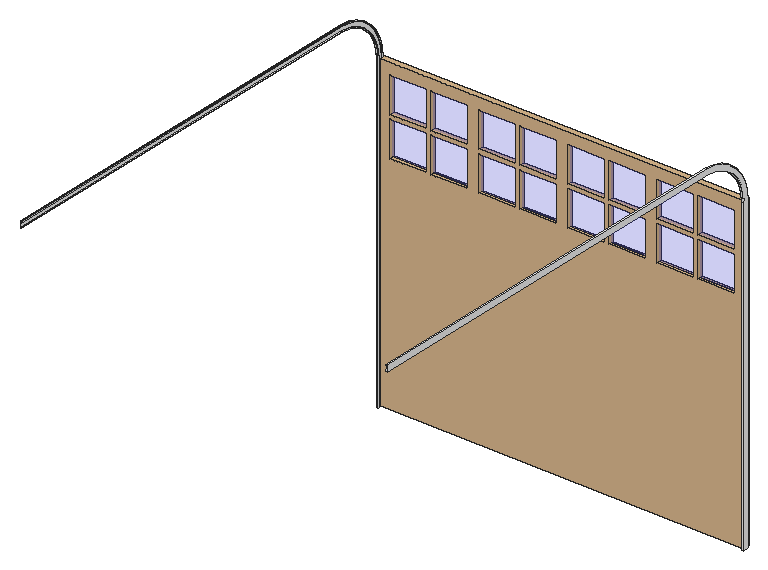
Revit family
Parameters (values of type "7Ft H x 8Ft W")
  Track Width = Width + 0' 2"  # 8' - 2"
  Track Height = Height + 1' 0"  # 8' - 0"
  Track Depth = 10' - 0"
  SmartBIM Object Version = 1  # constant formula
  SmartBIM Object Created By = "Reed Construction Data"  # constant formula
  Panel Thickness = 0' - 1 1/2"
  Manufacturer = ""
  Height = 7' - 0"
  Wall Closure = (empty or 0)
  Width = 8' - 0"
  Door Glass = Glass
  Door = Wood
  Depth = Metal
  95 CSI = "08360"  # constant formula
  04 CSI = "08 36 13"  # constant formula
Types (3): name | Track Width | Width
  (no name) | 8' - 2" | 8' - 0"
  7Ft H x 8Ft W | 8' - 2" | 8' - 0"
  7Ft H x 16Ft W | 16' - 2" | 16' - 0"
Reference planes (in)
  plane 1 "Center (Front/Back)": y = 0
  plane 2 "Center (Left/Right)": x = 0
  plane 3 "Left": x = -48
  plane 4 "Right": x = 48
  plane 5 "Top": z = 84
  plane 6: x = -49
  plane 7: x = 49
  plane 8: y = -3.25
  plane 9: z = 60.75
  plane 10: z = 20.25
  plane 11: z = 40.5
  plane 12: z = 81
  plane 13: x = 24
  plane 14: x = -24
  plane 15: y = -2.5
  plane 16: y = -2.5
  plane 17 "Ext": y = -3.25
  plane 18: y = -2.5
  plane 19 "Int": y = -1.75
  plane 20: x = -36
  plane 21: x = -12
  plane 22: x = 12
  plane 23: x = 36
  plane 24: z = 70.875
  plane 25: x = -36
  plane 26: x = -12
  plane 27: x = 12
  plane 28: x = 36
Forms (in)
  Extrusion 1, solid, material "Wood" <- "Door"
    sketch origin (0, 0, 0) x (1, 0, 0) y (0, 0, 1)
      loop
        line (-49, 84) -> (-49, 0) -> (49, 0) -> (49, 84) -> (-49, 84)
      loop
        line (46.5, 60.75) -> (46.5, 70.375) -> (36.5, 70.375) -> (36.5, 60.75) -> (46.5, 60.75)
      loop
        line (22.5, 60.75) -> (22.5, 70.375) -> (12.5, 70.375) -> (12.5, 60.75) -> (22.5, 60.75)
      loop
        line (25.5, 81) -> (25.5, 71.375) -> (35.5, 71.375) -> (35.5, 81) -> (25.5, 81)
      loop
        line (46.5, 81) -> (36.5, 81) -> (36.5, 71.375) -> (46.5, 71.375) -> (46.5, 81)
      loop
        line (22.5, 81) -> (12.5, 81) -> (12.5, 71.375) -> (22.5, 71.375) -> (22.5, 81)
      loop
        line (-1.5, 60.75) -> (-1.5, 70.375) -> (-11.5, 70.375) -> (-11.5, 60.75) -> (-1.5, 60.75)
      loop
        line (1.5, 81) -> (1.5, 71.375) -> (11.5, 71.375) -> (11.5, 81) -> (1.5, 81)
      loop
        line (-1.5, 81) -> (-11.5, 81) -> (-11.5, 71.375) -> (-1.5, 71.375) -> (-1.5, 81)
      loop
        line (-25.5, 60.75) -> (-25.5, 70.375) -> (-35.5, 70.375) -> (-35.5, 60.75) -> (-25.5, 60.75)
      loop
        line (-22.5, 81) -> (-22.5, 71.375) -> (-12.5, 71.375) -> (-12.5, 81) -> (-22.5, 81)
      loop
        line (-25.5, 81) -> (-35.5, 81) -> (-35.5, 71.375) -> (-25.5, 71.375) -> (-25.5, 81)
      loop
        line (-46.5, 81) -> (-46.5, 71.375) -> (-36.5, 71.375) -> (-36.5, 81) -> (-46.5, 81)
      loop
        line (-36.5, 60.75) -> (-36.5, 70.375) -> (-46.5, 70.375) -> (-46.5, 60.75) -> (-36.5, 60.75)
      loop
        line (-12.5, 60.75) -> (-12.5, 70.375) -> (-22.5, 70.375) -> (-22.5, 60.75) -> (-12.5, 60.75)
      loop
        line (11.5, 60.75) -> (11.5, 70.375) -> (1.5, 70.375) -> (1.5, 60.75) -> (11.5, 60.75)
      loop
        line (35.5, 60.75) -> (35.5, 70.375) -> (25.5, 70.375) -> (25.5, 60.75) -> (35.5, 60.75)
    from 1.75 to 3.25
  Extrusion 2, solid, material "Glass" <- "Door Glass"
    sketch origin (0, 0, 0) x (1, 0, 0) y (0, 0, 1)
      loop
        line (46.5, 81) -> (25.5, 81) -> (25.5, 60.75) -> (46.5, 60.75) -> (46.5, 81)
      loop
        line (22.5, 81) -> (1.5, 81) -> (1.5, 60.75) -> (22.5, 60.75) -> (22.5, 81)
      loop
        line (-1.5, 81) -> (-22.5, 81) -> (-22.5, 60.75) -> (-1.5, 60.75) -> (-1.5, 81)
      loop
        line (-25.5, 81) -> (-46.5, 81) -> (-46.5, 60.75) -> (-25.5, 60.75) -> (-25.5, 81)
    from 2.375 to 2.625
Lines and regions (in)
  Opening 1
    outline origin (-90, -1.75, 0) x (1, 0, 0) y (0, 0, 1)
      loop
        line (42, 0) -> (138, 0) -> (138, 84) -> (42, 84) -> (42, 0)
  model lines
    curve 1: line (25.5, -3.25, 59.25) -> (25.5, -3.25, 42)
    curve 2: line (25.5, -3.25, 42) -> (46.5, -3.25, 42)
    curve 3: line (46.5, -3.25, 42) -> (46.5, -3.25, 59.25)
    curve 4: line (46.5, -3.25, 59.25) -> (25.5, -3.25, 59.25)
    curve 5: line (45, -3.25, 57.75) -> (27, -3.25, 57.75)
    curve 6: line (27, -3.25, 57.75) -> (27, -3.25, 43.5)
    curve 7: line (27, -3.25, 43.5) -> (45, -3.25, 43.5)
    curve 8: line (45, -3.25, 43.5) -> (45, -3.25, 57.75)
    curve 9: line (1.5, -3.25, 59.25) -> (1.5, -3.25, 42)
    curve 10: line (1.5, -3.25, 42) -> (22.5, -3.25, 42)
    curve 11: line (22.5, -3.25, 42) -> (22.5, -3.25, 59.25)
    curve 12: line (22.5, -3.25, 59.25) -> (1.5, -3.25, 59.25)
    curve 13: line (21, -3.25, 57.75) -> (3, -3.25, 57.75)
    curve 14: line (3, -3.25, 57.75) -> (3, -3.25, 43.5)
    curve 15: line (3, -3.25, 43.5) -> (21, -3.25, 43.5)
    curve 16: line (21, -3.25, 43.5) -> (21, -3.25, 57.75)
    curve 17: line (-1.5, -3.25, 59.25) -> (-1.5, -3.25, 42)
    curve 18: line (-1.5, -3.25, 42) -> (-22.5, -3.25, 42)
    curve 19: line (-22.5, -3.25, 42) -> (-22.5, -3.25, 59.25)
    curve 20: line (-22.5, -3.25, 59.25) -> (-1.5, -3.25, 59.25)
    curve 21: line (-21, -3.25, 57.75) -> (-3, -3.25, 57.75)
    curve 22: line (-3, -3.25, 57.75) -> (-3, -3.25, 43.5)
    curve 23: line (-3, -3.25, 43.5) -> (-21, -3.25, 43.5)
    curve 24: line (-21, -3.25, 43.5) -> (-21, -3.25, 57.75)
    curve 25: line (-46.5, -3.25, 59.25) -> (-46.5, -3.25, 42)
    curve 26: line (-46.5, -3.25, 42) -> (-25.5, -3.25, 42)
    curve 27: line (-25.5, -3.25, 42) -> (-25.5, -3.25, 59.25)
    curve 28: line (-25.5, -3.25, 59.25) -> (-46.5, -3.25, 59.25)
    curve 29: line (-27, -3.25, 57.75) -> (-45, -3.25, 57.75)
    curve 30: line (-45, -3.25, 57.75) -> (-45, -3.25, 43.5)
    curve 31: line (-45, -3.25, 43.5) -> (-27, -3.25, 43.5)
    curve 32: line (-27, -3.25, 43.5) -> (-27, -3.25, 57.75)
    curve 33: line (-46.5, -3.25, 39) -> (-46.5, -3.25, 21.75)
    curve 34: line (-46.5, -3.25, 21.75) -> (-25.5, -3.25, 21.75)
    curve 35: line (-25.5, -3.25, 21.75) -> (-25.5, -3.25, 39)
    curve 36: line (-25.5, -3.25, 39) -> (-46.5, -3.25, 39)
    curve 37: line (-27, -3.25, 37.5) -> (-45, -3.25, 37.5)
    curve 38: line (-45, -3.25, 37.5) -> (-45, -3.25, 23.25)
    curve 39: line (-45, -3.25, 23.25) -> (-27, -3.25, 23.25)
    curve 40: line (-27, -3.25, 23.25) -> (-27, -3.25, 37.5)
    curve 41: line (-22.5, -3.25, 39) -> (-22.5, -3.25, 21.75)
    curve 42: line (-22.5, -3.25, 21.75) -> (-1.5, -3.25, 21.75)
    curve 43: line (-1.5, -3.25, 21.75) -> (-1.5, -3.25, 39)
    curve 44: line (-1.5, -3.25, 39) -> (-22.5, -3.25, 39)
    curve 45: line (-3, -3.25, 37.5) -> (-21, -3.25, 37.5)
    curve 46: line (-21, -3.25, 37.5) -> (-21, -3.25, 23.25)
    curve 47: line (-21, -3.25, 23.25) -> (-3, -3.25, 23.25)
    curve 48: line (-3, -3.25, 23.25) -> (-3, -3.25, 37.5)
    curve 49: line (22.5, -3.25, 39) -> (22.5, -3.25, 21.75)
    curve 50: line (22.5, -3.25, 21.75) -> (1.5, -3.25, 21.75)
    curve 51: line (1.5, -3.25, 21.75) -> (1.5, -3.25, 39)
    curve 52: line (1.5, -3.25, 39) -> (22.5, -3.25, 39)
    curve 53: line (3, -3.25, 37.5) -> (21, -3.25, 37.5)
    curve 54: line (21, -3.25, 37.5) -> (21, -3.25, 23.25)
    curve 55: line (21, -3.25, 23.25) -> (3, -3.25, 23.25)
    curve 56: line (3, -3.25, 23.25) -> (3, -3.25, 37.5)
    curve 57: line (25.5, -3.25, 39) -> (25.5, -3.25, 21.75)
    curve 58: line (25.5, -3.25, 21.75) -> (46.5, -3.25, 21.75)
    curve 59: line (46.5, -3.25, 21.75) -> (46.5, -3.25, 39)
    curve 60: line (46.5, -3.25, 39) -> (25.5, -3.25, 39)
    curve 61: line (45, -3.25, 37.5) -> (27, -3.25, 37.5)
    curve 62: line (27, -3.25, 37.5) -> (27, -3.25, 23.25)
    curve 63: line (27, -3.25, 23.25) -> (45, -3.25, 23.25)
    curve 64: line (45, -3.25, 23.25) -> (45, -3.25, 37.5)
    curve 65: line (-46.5, -3.25, 1.5) -> (-46.5, -3.25, 18.75)
    curve 66: line (-46.5, -3.25, 18.75) -> (-25.5, -3.25, 18.75)
    curve 67: line (-25.5, -3.25, 18.75) -> (-25.5, -3.25, 1.5)
    curve 68: line (-25.5, -3.25, 1.5) -> (-46.5, -3.25, 1.5)
    curve 69: line (-27, -3.25, 3) -> (-45, -3.25, 3)
    curve 70: line (-45, -3.25, 3) -> (-45, -3.25, 17.25)
    curve 71: line (-45, -3.25, 17.25) -> (-27, -3.25, 17.25)
    curve 72: line (-27, -3.25, 17.25) -> (-27, -3.25, 3)
    curve 73: line (-1.5, -3.25, 1.5) -> (-1.5, -3.25, 18.75)
    curve 74: line (-1.5, -3.25, 18.75) -> (-22.5, -3.25, 18.75)
    curve 75: line (-22.5, -3.25, 18.75) -> (-22.5, -3.25, 1.5)
    curve 76: line (-22.5, -3.25, 1.5) -> (-1.5, -3.25, 1.5)
    curve 77: line (-21, -3.25, 3) -> (-3, -3.25, 3)
    curve 78: line (-3, -3.25, 3) -> (-3, -3.25, 17.25)
    curve 79: line (-3, -3.25, 17.25) -> (-21, -3.25, 17.25)
    curve 80: line (-21, -3.25, 17.25) -> (-21, -3.25, 3)
    curve 81: line (1.5, -3.25, 1.5) -> (1.5, -3.25, 18.75)
    curve 82: line (1.5, -3.25, 18.75) -> (22.5, -3.25, 18.75)
    curve 83: line (22.5, -3.25, 18.75) -> (22.5, -3.25, 1.5)
    curve 84: line (22.5, -3.25, 1.5) -> (1.5, -3.25, 1.5)
    curve 85: line (21, -3.25, 3) -> (3, -3.25, 3)
    curve 86: line (3, -3.25, 3) -> (3, -3.25, 17.25)
    curve 87: line (3, -3.25, 17.25) -> (21, -3.25, 17.25)
    curve 88: line (21, -3.25, 17.25) -> (21, -3.25, 3)
    curve 89: line (46.5, -3.25, 1.5) -> (46.5, -3.25, 18.75)
    curve 90: line (46.5, -3.25, 18.75) -> (25.5, -3.25, 18.75)
    curve 91: line (25.5, -3.25, 18.75) -> (25.5, -3.25, 1.5)
    curve 92: line (25.5, -3.25, 1.5) -> (46.5, -3.25, 1.5)
    curve 93: line (27, -3.25, 3) -> (45, -3.25, 3)
    curve 94: line (45, -3.25, 3) -> (45, -3.25, 17.25)
    curve 95: line (45, -3.25, 17.25) -> (27, -3.25, 17.25)
    curve 96: line (27, -3.25, 17.25) -> (27, -3.25, 3)
    curve 97: line (25.5, -1.75, 59.25) -> (25.5, -1.75, 42)
    curve 98: line (25.5, -1.75, 42) -> (46.5, -1.75, 42)
    curve 99: line (46.5, -1.75, 42) -> (46.5, -1.75, 59.25)
    curve 100: line (46.5, -1.75, 59.25) -> (25.5, -1.75, 59.25)
    curve 101: line (45, -1.75, 57.75) -> (27, -1.75, 57.75)
    curve 102: line (27, -1.75, 57.75) -> (27, -1.75, 43.5)
    curve 103: line (27, -1.75, 43.5) -> (45, -1.75, 43.5)
    curve 104: line (45, -1.75, 43.5) -> (45, -1.75, 57.75)
    curve 105: line (1.5, -1.75, 59.25) -> (1.5, -1.75, 42)
    curve 106: line (1.5, -1.75, 42) -> (22.5, -1.75, 42)
    curve 107: line (22.5, -1.75, 42) -> (22.5, -1.75, 59.25)
    curve 108: line (22.5, -1.75, 59.25) -> (1.5, -1.75, 59.25)
    curve 109: line (21, -1.75, 57.75) -> (3, -1.75, 57.75)
    curve 110: line (3, -1.75, 57.75) -> (3, -1.75, 43.5)
    curve 111: line (3, -1.75, 43.5) -> (21, -1.75, 43.5)
    curve 112: line (21, -1.75, 43.5) -> (21, -1.75, 57.75)
    curve 113: line (-1.5, -1.75, 59.25) -> (-1.5, -1.75, 42)
    curve 114: line (-1.5, -1.75, 42) -> (-22.5, -1.75, 42)
    curve 115: line (-22.5, -1.75, 42) -> (-22.5, -1.75, 59.25)
    curve 116: line (-22.5, -1.75, 59.25) -> (-1.5, -1.75, 59.25)
    curve 117: line (-21, -1.75, 57.75) -> (-3, -1.75, 57.75)
    curve 118: line (-3, -1.75, 57.75) -> (-3, -1.75, 43.5)
    curve 119: line (-3, -1.75, 43.5) -> (-21, -1.75, 43.5)
    curve 120: line (-21, -1.75, 43.5) -> (-21, -1.75, 57.75)
    curve 121: line (-46.5, -1.75, 59.25) -> (-46.5, -1.75, 42)
    curve 122: line (-46.5, -1.75, 42) -> (-25.5, -1.75, 42)
    curve 123: line (-25.5, -1.75, 42) -> (-25.5, -1.75, 59.25)
    curve 124: line (-25.5, -1.75, 59.25) -> (-46.5, -1.75, 59.25)
    curve 125: line (-27, -1.75, 57.75) -> (-45, -1.75, 57.75)
    curve 126: line (-45, -1.75, 57.75) -> (-45, -1.75, 43.5)
    curve 127: line (-45, -1.75, 43.5) -> (-27, -1.75, 43.5)
    curve 128: line (-27, -1.75, 43.5) -> (-27, -1.75, 57.75)
    curve 129: line (-46.5, -1.75, 39) -> (-46.5, -1.75, 21.75)
    curve 130: line (-46.5, -1.75, 21.75) -> (-25.5, -1.75, 21.75)
    curve 131: line (-25.5, -1.75, 21.75) -> (-25.5, -1.75, 39)
    curve 132: line (-25.5, -1.75, 39) -> (-46.5, -1.75, 39)
    curve 133: line (-27, -1.75, 37.5) -> (-45, -1.75, 37.5)
    curve 134: line (-45, -1.75, 37.5) -> (-45, -1.75, 23.25)
    curve 135: line (-45, -1.75, 23.25) -> (-27, -1.75, 23.25)
    curve 136: line (-27, -1.75, 23.25) -> (-27, -1.75, 37.5)
    curve 137: line (-22.5, -1.75, 39) -> (-22.5, -1.75, 21.75)
    curve 138: line (-22.5, -1.75, 21.75) -> (-1.5, -1.75, 21.75)
    curve 139: line (-1.5, -1.75, 21.75) -> (-1.5, -1.75, 39)
    curve 140: line (-1.5, -1.75, 39) -> (-22.5, -1.75, 39)
    curve 141: line (-3, -1.75, 37.5) -> (-21, -1.75, 37.5)
    curve 142: line (-21, -1.75, 37.5) -> (-21, -1.75, 23.25)
    curve 143: line (-21, -1.75, 23.25) -> (-3, -1.75, 23.25)
    curve 144: line (-3, -1.75, 23.25) -> (-3, -1.75, 37.5)
    curve 145: line (22.5, -1.75, 39) -> (22.5, -1.75, 21.75)
    curve 146: line (22.5, -1.75, 21.75) -> (1.5, -1.75, 21.75)
    curve 147: line (1.5, -1.75, 21.75) -> (1.5, -1.75, 39)
    curve 148: line (1.5, -1.75, 39) -> (22.5, -1.75, 39)
    curve 149: line (3, -1.75, 37.5) -> (21, -1.75, 37.5)
    curve 150: line (21, -1.75, 37.5) -> (21, -1.75, 23.25)
    curve 151: line (21, -1.75, 23.25) -> (3, -1.75, 23.25)
    curve 152: line (3, -1.75, 23.25) -> (3, -1.75, 37.5)
    curve 153: line (25.5, -1.75, 39) -> (25.5, -1.75, 21.75)
    curve 154: line (25.5, -1.75, 21.75) -> (46.5, -1.75, 21.75)
    curve 155: line (46.5, -1.75, 21.75) -> (46.5, -1.75, 39)
    curve 156: line (46.5, -1.75, 39) -> (25.5, -1.75, 39)
    curve 157: line (45, -1.75, 37.5) -> (27, -1.75, 37.5)
    curve 158: line (27, -1.75, 37.5) -> (27, -1.75, 23.25)
    curve 159: line (27, -1.75, 23.25) -> (45, -1.75, 23.25)
    curve 160: line (45, -1.75, 23.25) -> (45, -1.75, 37.5)
    curve 161: line (-46.5, -1.75, 1.5) -> (-46.5, -1.75, 18.75)
    curve 162: line (-46.5, -1.75, 18.75) -> (-25.5, -1.75, 18.75)
    curve 163: line (-25.5, -1.75, 18.75) -> (-25.5, -1.75, 1.5)
    curve 164: line (-25.5, -1.75, 1.5) -> (-46.5, -1.75, 1.5)
    curve 165: line (-27, -1.75, 3) -> (-45, -1.75, 3)
    curve 166: line (-45, -1.75, 3) -> (-45, -1.75, 17.25)
    curve 167: line (-45, -1.75, 17.25) -> (-27, -1.75, 17.25)
    curve 168: line (-27, -1.75, 17.25) -> (-27, -1.75, 3)
    curve 169: line (-1.5, -1.75, 1.5) -> (-1.5, -1.75, 18.75)
    curve 170: line (-1.5, -1.75, 18.75) -> (-22.5, -1.75, 18.75)
    curve 171: line (-22.5, -1.75, 18.75) -> (-22.5, -1.75, 1.5)
    curve 172: line (-22.5, -1.75, 1.5) -> (-1.5, -1.75, 1.5)
    curve 173: line (-21, -1.75, 3) -> (-3, -1.75, 3)
    curve 174: line (-3, -1.75, 3) -> (-3, -1.75, 17.25)
    curve 175: line (-3, -1.75, 17.25) -> (-21, -1.75, 17.25)
    curve 176: line (-21, -1.75, 17.25) -> (-21, -1.75, 3)
    curve 177: line (1.5, -1.75, 1.5) -> (1.5, -1.75, 18.75)
    curve 178: line (1.5, -1.75, 18.75) -> (22.5, -1.75, 18.75)
    curve 179: line (22.5, -1.75, 18.75) -> (22.5, -1.75, 1.5)
    curve 180: line (22.5, -1.75, 1.5) -> (1.5, -1.75, 1.5)
    curve 181: line (21, -1.75, 3) -> (3, -1.75, 3)
    curve 182: line (3, -1.75, 3) -> (3, -1.75, 17.25)
    curve 183: line (3, -1.75, 17.25) -> (21, -1.75, 17.25)
    curve 184: line (21, -1.75, 17.25) -> (21, -1.75, 3)
    curve 185: line (46.5, -1.75, 1.5) -> (46.5, -1.75, 18.75)
    curve 186: line (46.5, -1.75, 18.75) -> (25.5, -1.75, 18.75)
    curve 187: line (25.5, -1.75, 18.75) -> (25.5, -1.75, 1.5)
    curve 188: line (25.5, -1.75, 1.5) -> (46.5, -1.75, 1.5)
    curve 189: line (27, -1.75, 3) -> (45, -1.75, 3)
    curve 190: line (45, -1.75, 3) -> (45, -1.75, 17.25)
    curve 191: line (45, -1.75, 17.25) -> (27, -1.75, 17.25)
    curve 192: line (27, -1.75, 17.25) -> (27, -1.75, 3)
    curve 193: line (3, -1.75, 57.75) -> (1.5, -1.75, 59.25)
    curve 194: line (3, -1.75, 43.5) -> (1.5, -1.75, 42)
    curve 195: line (21, -1.75, 57.75) -> (22.5, -1.75, 59.25)
    curve 196: line (21, -1.75, 43.5) -> (22.5, -1.75, 42)
    curve 197: line (45, -1.75, 57.75) -> (46.5, -1.75, 59.25)
    curve 198: line (45, -1.75, 43.5) -> (46.5, -1.75, 42)
    curve 199: line (27, -1.75, 57.75) -> (25.5, -1.75, 59.25)
    curve 200: line (27, -1.75, 43.5) -> (25.5, -1.75, 42)
    curve 201: line (45, -1.75, 23.25) -> (46.5, -1.75, 21.75)
    curve 202: line (45, -1.75, 37.5) -> (46.5, -1.75, 39)
    curve 203: line (27, -1.75, 23.25) -> (25.5, -1.75, 21.75)
    curve 204: line (27, -1.75, 37.5) -> (25.5, -1.75, 39)
    curve 205: line (45, -1.75, 17.25) -> (46.5, -1.75, 18.75)
    curve 206: line (45, -1.75, 3) -> (46.5, -1.75, 1.5)
    curve 207: line (27, -1.75, 17.25) -> (25.5, -1.75, 18.75)
    curve 208: line (27, -1.75, 3) -> (25.5, -1.75, 1.5)
    curve 209: line (3, -1.75, 17.25) -> (1.5, -1.75, 18.75)
    curve 210: line (3, -1.75, 3) -> (1.5, -1.75, 1.5)
    curve 211: line (21, -1.75, 17.25) -> (22.5, -1.75, 18.75)
    curve 212: line (21, -1.75, 3) -> (22.5, -1.75, 1.5)
    curve 213: line (-3, -1.75, 17.25) -> (-1.5, -1.75, 18.75)
    curve 214: line (-3, -1.75, 3) -> (-1.5, -1.75, 1.5)
    curve 215: line (-21, -1.75, 17.25) -> (-22.5, -1.75, 18.75)
    curve 216: line (-21, -1.75, 3) -> (-22.5, -1.75, 1.5)
    curve 217: line (-45, -1.75, 17.25) -> (-46.5, -1.75, 18.75)
    curve 218: line (-45, -1.75, 3) -> (-46.5, -1.75, 1.5)
    curve 219: line (-27, -1.75, 17.25) -> (-25.5, -1.75, 18.75)
    curve 220: line (-27, -1.75, 3) -> (-25.5, -1.75, 1.5)
    curve 221: line (-45, -1.75, 23.25) -> (-46.5, -1.75, 21.75)
    curve 222: line (-45, -1.75, 37.5) -> (-46.5, -1.75, 39)
    curve 223: line (-27, -1.75, 23.25) -> (-25.5, -1.75, 21.75)
    curve 224: line (-27, -1.75, 37.5) -> (-25.5, -1.75, 39)
    curve 225: line (-3, -1.75, 23.25) -> (-1.5, -1.75, 21.75)
    curve 226: line (-3, -1.75, 37.5) -> (-1.5, -1.75, 39)
    curve 227: line (-21, -1.75, 23.25) -> (-22.5, -1.75, 21.75)
    curve 228: line (-21, -1.75, 37.5) -> (-22.5, -1.75, 39)
    curve 229: line (3, -1.75, 23.25) -> (1.5, -1.75, 21.75)
    curve 230: line (3, -1.75, 37.5) -> (1.5, -1.75, 39)
    curve 231: line (21, -1.75, 23.25) -> (22.5, -1.75, 21.75)
    curve 232: line (21, -1.75, 37.5) -> (22.5, -1.75, 39)
    curve 233: line (-3, -1.75, 57.75) -> (-1.5, -1.75, 59.25)
    curve 234: line (-3, -1.75, 43.5) -> (-1.5, -1.75, 42)
    curve 235: line (-21, -1.75, 57.75) -> (-22.5, -1.75, 59.25)
    curve 236: line (-21, -1.75, 43.5) -> (-22.5, -1.75, 42)
    curve 237: line (-45, -1.75, 57.75) -> (-46.5, -1.75, 59.25)
    curve 238: line (-45, -1.75, 43.5) -> (-46.5, -1.75, 42)
    curve 239: line (-27, -1.75, 57.75) -> (-25.5, -1.75, 59.25)
    curve 240: line (-27, -1.75, 43.5) -> (-25.5, -1.75, 42)
    curve 241: line (-45, -3.25, 57.75) -> (-46.5, -3.25, 59.25)
    curve 242: line (-27, -3.25, 57.75) -> (-25.5, -3.25, 59.25)
    curve 243: line (-45, -3.25, 43.5) -> (-46.5, -3.25, 42)
    curve 244: line (-27, -3.25, 43.5) -> (-25.5, -3.25, 42)
    curve 245: line (-3, -3.25, 57.75) -> (-1.5, -3.25, 59.25)
    curve 246: line (-21, -3.25, 57.75) -> (-22.5, -3.25, 59.25)
    curve 247: line (-3, -3.25, 43.5) -> (-1.5, -3.25, 42)
    curve 248: line (-21, -3.25, 43.5) -> (-22.5, -3.25, 42)
    curve 249: line (3, -3.25, 57.75) -> (1.5, -3.25, 59.25)
    curve 250: line (21, -3.25, 57.75) -> (22.5, -3.25, 59.25)
    curve 251: line (3, -3.25, 43.5) -> (1.5, -3.25, 42)
    curve 252: line (21, -3.25, 43.5) -> (22.5, -3.25, 42)
    curve 253: line (45, -3.25, 57.75) -> (46.5, -3.25, 59.25)
    curve 254: line (27, -3.25, 57.75) -> (25.5, -3.25, 59.25)
    curve 255: line (45, -3.25, 43.5) -> (46.5, -3.25, 42)
    curve 256: line (27, -3.25, 43.5) -> (25.5, -3.25, 42)
    curve 257: line (45, -3.25, 23.25) -> (46.5, -3.25, 21.75)
    curve 258: line (27, -3.25, 23.25) -> (25.5, -3.25, 21.75)
    curve 259: line (45, -3.25, 37.5) -> (46.5, -3.25, 39)
    curve 260: line (27, -3.25, 37.5) -> (25.5, -3.25, 39)
    curve 261: line (3, -3.25, 23.25) -> (1.5, -3.25, 21.75)
    curve 262: line (21, -3.25, 23.25) -> (22.5, -3.25, 21.75)
    curve 263: line (3, -3.25, 37.5) -> (1.5, -3.25, 39)
    curve 264: line (21, -3.25, 37.5) -> (22.5, -3.25, 39)
    curve 265: line (-3, -3.25, 23.25) -> (-1.5, -3.25, 21.75)
    curve 266: line (-21, -3.25, 23.25) -> (-22.5, -3.25, 21.75)
    curve 267: line (-3, -3.25, 37.5) -> (-1.5, -3.25, 39)
    curve 268: line (-21, -3.25, 37.5) -> (-22.5, -3.25, 39)
    curve 269: line (-45, -3.25, 23.25) -> (-46.5, -3.25, 21.75)
    curve 270: line (-27, -3.25, 23.25) -> (-25.5, -3.25, 21.75)
    curve 271: line (-45, -3.25, 37.5) -> (-46.5, -3.25, 39)
    curve 272: line (-27, -3.25, 37.5) -> (-25.5, -3.25, 39)
    curve 273: line (-45, -3.25, 17.25) -> (-46.5, -3.25, 18.75)
    curve 274: line (-27, -3.25, 17.25) -> (-25.5, -3.25, 18.75)
    curve 275: line (-45, -3.25, 3) -> (-46.5, -3.25, 1.5)
    curve 276: line (-27, -3.25, 3) -> (-25.5, -3.25, 1.5)
    curve 277: line (-3, -3.25, 17.25) -> (-1.5, -3.25, 18.75)
    curve 278: line (-21, -3.25, 17.25) -> (-22.5, -3.25, 18.75)
    curve 279: line (-3, -3.25, 3) -> (-1.5, -3.25, 1.5)
    curve 280: line (-21, -3.25, 3) -> (-22.5, -3.25, 1.5)
    curve 281: line (3, -3.25, 17.25) -> (1.5, -3.25, 18.75)
    curve 282: line (21, -3.25, 17.25) -> (22.5, -3.25, 18.75)
    curve 283: line (3, -3.25, 3) -> (1.5, -3.25, 1.5)
    curve 284: line (21, -3.25, 3) -> (22.5, -3.25, 1.5)
    curve 285: line (45, -3.25, 17.25) -> (46.5, -3.25, 18.75)
    curve 286: line (27, -3.25, 17.25) -> (25.5, -3.25, 18.75)
    curve 287: line (45, -3.25, 3) -> (46.5, -3.25, 1.5)
    curve 288: line (27, -3.25, 3) -> (25.5, -3.25, 1.5)
    curve 289: line (36, -3.25, 43.5) -> (36, -3.25, 57.75)
    curve 290: line (12, -3.25, 43.5) -> (12, -3.25, 57.75)
    curve 291: line (-12, -3.25, 43.5) -> (-12, -3.25, 57.75)
    curve 292: line (-36, -3.25, 43.5) -> (-36, -3.25, 57.75)
    curve 293: line (-36, -3.25, 23.25) -> (-36, -3.25, 37.5)
    curve 294: line (-36, -3.25, 3) -> (-36, -3.25, 17.25)
    curve 295: line (-12, -3.25, 3) -> (-12, -3.25, 17.25)
    curve 296: line (-12, -3.25, 23.25) -> (-12, -3.25, 37.5)
    curve 297: line (12, -3.25, 23.25) -> (12, -3.25, 37.5)
    curve 298: line (12, -3.25, 3) -> (12, -3.25, 17.25)
    curve 299: line (36, -3.25, 3) -> (36, -3.25, 17.25)
    curve 300: line (36, -3.25, 23.25) -> (36, -3.25, 37.5)
    curve 301: line (-36, -1.75, 43.5) -> (-36, -1.75, 57.75)
    curve 302: line (-12, -1.75, 43.5) -> (-12, -1.75, 57.75)
    curve 303: line (12, -1.75, 43.5) -> (12, -1.75, 57.75)
    curve 304: line (36, -1.75, 43.5) -> (36, -1.75, 57.75)
    curve 305: line (36, -1.75, 23.25) -> (36, -1.75, 37.5)
    curve 306: line (12, -1.75, 23.25) -> (12, -1.75, 37.5)
    curve 307: line (-12, -1.75, 23.25) -> (-12, -1.75, 37.5)
    curve 308: line (-36, -1.75, 23.25) -> (-36, -1.75, 37.5)
    curve 309: line (-36, -1.75, 3) -> (-36, -1.75, 17.25)
    curve 310: line (-12, -1.75, 3) -> (-12, -1.75, 17.25)
    curve 311: line (12, -1.75, 3) -> (12, -1.75, 17.25)
    curve 312: line (36, -1.75, 3) -> (36, -1.75, 17.25)
Text (in)
  text "Exterior" at (-74.96733, 27.31104, 0), in view "Ref. Level"
  text "Interior" at (-76.69036, -30.31274, 0), in view "Ref. Level"
  text "Exterior" at (0, 40.15149, 123.01588), in view "Right"
  text "Interior" at (0, -64.39139, 123.01588), in view "Right"
  text "Interior" at (0, -31.01599, 123.00693), in view "Left"
  text "Exterior" at (0, 54.57065, 123.00693), in view "Left"
Dimensions and locks (in)
  equal spacing: plane 3 "Left", plane 2 "Center (Left/Right)", plane 4 "Right"
  "Height": level to plane 5 "Top"
  "Width": plane 3 "Left" to plane 4 "Right"
  locked: plane 6 to plane 3 "Left" at 1
  locked: plane 4 "Right" to plane 7 at 1
  locked: plane 12 to plane 5 "Top" at 3
  equal spacing: level, plane 10, plane 11, plane 9, plane 12
  equal spacing: plane 2 "Center (Left/Right)", plane 13, plane 4 "Right"
  equal spacing: plane 2 "Center (Left/Right)", plane 14, plane 3 "Left"
  locked: Extrusion 1 sketch curve to plane 4 "Right" at 1.5
  equal spacing: Extrusion 1 sketch curve, plane 13, Extrusion 1 sketch curve
  locked: Extrusion 1 sketch curve to Extrusion 1 sketch curve at 3  (x3)
  equal spacing: Extrusion 1 sketch curve, plane 2 "Center (Left/Right)", Extrusion 1 sketch curve
  equal spacing: Extrusion 1 sketch curve, plane 14, Extrusion 1 sketch curve
  locked: Extrusion 1 sketch curve to plane 3 "Left" at 1.5
  locked: Extrusion 2 to Extrusion 2 at 0.25  (x2)
  host wall to plane 15 to plane 8 = 0' - 0 3/4", 0' - 0 3/4"
  equal spacing: Extrusion 2, plane 16, Extrusion 2
  curve 8 to curve 3 to plane 4 "Right" = 0' - 1 1/2" locked, 0' - 1 1/2" locked
  curve 5 to curve 4 to plane 9 = 0' - 1 1/2" locked, 0' - 1 1/2" locked
  curve 6 to curve 1 to plane 13 = 0' - 1 1/2" locked, 0' - 1 1/2" locked
  plane 11 to curve 2 to curve 7 = 0' - 1 1/2" locked, 0' - 1 1/2" locked
  curve 16 to curve 11 to plane 13 = 0' - 1 1/2" locked, 0' - 1 1/2" locked
  curve 14 to curve 9 to plane 2 "Center (Left/Right)" = 0' - 1 1/2" locked, 0' - 1 1/2" locked
  plane 2 "Center (Left/Right)" to curve 17 to curve 22 = 0' - 1 1/2" locked, 0' - 1 1/2" locked
  plane 14 to Extrusion 1 to curve 24 = 0' - 1 1/2", 0' - 1 1/2"
  curve 32 to curve 27 to plane 14 = 0' - 1 1/2" locked, 0' - 1 1/2" locked
  plane 3 "Left" to curve 25 to curve 30 = 0' - 1 1/2" locked, 0' - 1 1/2" locked
  plane 11 to curve 36 to curve 37 = 0' - 1 1/2" locked, 0' - 1 1/2" locked
  curve 39 to curve 34 to plane 10 = 0' - 1 1/2" locked, 0' - 1 1/2" locked
  plane 10 to curve 66 to curve 71 = 0' - 1 1/2" locked, 0' - 1 1/2" locked
  curve 69 to curve 68 to level = 0' - 1 1/2" locked, 0' - 1 1/2" locked
  equal spacing: plane 17 "Ext", plane 18, plane 19 "Int"
  locked: curve 104 to curve 99 at 1.5
  locked: curve 101 to curve 100 at 1.5
  locked: curve 102 to curve 97 at 1.5
  locked: curve 98 to curve 103 at 1.5
  locked: curve 112 to curve 107 at 1.5
  locked: curve 110 to curve 105 at 1.5
  locked: curve 113 to curve 118 at 1.5
  locked: curve 128 to curve 123 at 1.5
  locked: curve 121 to curve 126 at 1.5
  locked: curve 132 to curve 133 at 1.5
  locked: curve 135 to curve 130 at 1.5
  locked: curve 162 to curve 167 at 1.5
  locked: curve 165 to curve 164 at 1.5
  "Panel Thickness": plane 19 "Int" to plane 17 "Ext"
  equal spacing: Extrusion 1 sketch curve, plane 23, Extrusion 1 sketch curve  (x2)
  equal spacing: plane 13, plane 23, plane 4 "Right"
  equal spacing: plane 13, plane 22, plane 2 "Center (Left/Right)"
  equal spacing: Extrusion 1 sketch curve, plane 22, Extrusion 1 sketch curve
  locked: Extrusion 1 sketch curve to Extrusion 1 sketch curve at 1  (x4)
  equal spacing: plane 2 "Center (Left/Right)", plane 21, plane 14
  equal spacing: Extrusion 1 sketch curve, plane 21, Extrusion 1 sketch curve
  equal spacing: plane 3 "Left", plane 20, plane 14
  equal spacing: Extrusion 1 sketch curve, plane 20, Extrusion 1 sketch curve
  equal spacing: plane 12, plane 24, plane 9
  equal spacing: Extrusion 1 sketch curve, plane 24, Extrusion 1 sketch curve
  equal spacing: plane 3 "Left", plane 25, plane 14
  equal spacing: plane 14, plane 26, plane 2 "Center (Left/Right)"
  equal spacing: plane 13, plane 27, plane 2 "Center (Left/Right)"
  equal spacing: plane 13, plane 28, plane 4 "Right"
  aligned and locked: plane 3 "Left" to Opening 1 sketch curve
  aligned and locked: plane 5 "Top" to Opening 1 sketch curve  (x2)
  aligned and locked: Opening 1 sketch curve to plane 4 "Right"
  aligned and locked: Opening 1 sketch curve to level
  aligned and locked: Extrusion 1 sketch curve to plane 6
  aligned and locked: Extrusion 1 sketch curve to plane 7
  aligned and locked: Extrusion 1 sketch curve to level
  aligned and locked: Extrusion 1 sketch curve to host wall
  aligned and locked: plane 12 to Extrusion 1 sketch curve  (x4)
  aligned and locked: plane 9 to Extrusion 1 sketch curve  (x4)
  aligned and locked: Extrusion 1 sketch curve to plane 9
  aligned and locked: Extrusion 2 sketch curve to Extrusion 1  (x16)
  aligned and locked: plane 15 to plane 16
  aligned and locked: curve 30 to curve 38
  aligned and locked: curve 25 to curve 33
  aligned and locked: curve 40 to curve 32
  aligned and locked: curve 35 to curve 27
  aligned and locked: curve 19 to curve 41
  aligned and locked: curve 24 to curve 46
  aligned and locked: curve 44 to curve 36
  aligned and locked: curve 45 to curve 37
  aligned and locked: curve 39 to curve 47
  aligned and locked: curve 34 to curve 42
  aligned and locked: curve 48 to curve 22
  aligned and locked: curve 43 to curve 17
  aligned and locked: curve 44 to curve 52
  aligned and locked: curve 45 to curve 53
  aligned and locked: curve 55 to curve 47
  aligned and locked: curve 50 to curve 42
  aligned and locked: curve 51 to curve 9
  aligned and locked: curve 56 to curve 14
  aligned and locked: curve 11 to curve 49
  aligned and locked: curve 16 to curve 54
  aligned and locked: curve 60 to curve 52
  aligned and locked: curve 61 to curve 53
  aligned and locked: curve 55 to curve 63
  aligned and locked: curve 50 to curve 58
  aligned and locked: curve 1 to curve 57
  aligned and locked: curve 6 to curve 62
  aligned and locked: curve 64 to curve 8
  aligned and locked: curve 59 to curve 3
  aligned and locked: curve 65 to curve 33
  aligned and locked: curve 70 to curve 38
  aligned and locked: curve 40 to curve 72
  aligned and locked: curve 35 to curve 67
  aligned and locked: curve 68 to curve 76
  aligned and locked: curve 74 to curve 66
  aligned and locked: curve 41 to curve 75
  aligned and locked: curve 46 to curve 80
  aligned and locked: curve 78 to curve 48
  aligned and locked: curve 73 to curve 43
  aligned and locked: curve 81 to curve 51
  aligned and locked: curve 86 to curve 56
  aligned and locked: curve 54 to curve 88
  aligned and locked: curve 49 to curve 83
  aligned and locked: curve 74 to curve 82
  aligned and locked: curve 79 to curve 87
  aligned and locked: curve 84 to curve 76
  aligned and locked: curve 85 to curve 77
  aligned and locked: curve 90 to curve 82
  aligned and locked: curve 95 to curve 87
  aligned and locked: curve 84 to curve 92
  aligned and locked: curve 85 to curve 93
  aligned and locked: curve 57 to curve 91
  aligned and locked: curve 62 to curve 96
  aligned and locked: curve 94 to curve 64
  aligned and locked: curve 89 to curve 59
  aligned and locked: host wall to plane 19 "Int"
  aligned and locked: plane 16 to plane 18
  aligned and locked: plane 17 "Ext" to Extrusion 1
  aligned and locked: Extrusion 1 to host wall
  aligned and locked: curve 241 to curve 237
  aligned and locked: Extrusion 1 sketch curve to Extrusion 1 sketch curve  (x18)
  aligned and locked: plane 25 to curve 292
  aligned and locked: plane 25 to curve 293
  aligned and locked: plane 25 to curve 294
  aligned and locked: plane 26 to curve 291
  aligned and locked: plane 26 to curve 296
  aligned and locked: plane 26 to curve 295
  aligned and locked: plane 27 to curve 298
  aligned and locked: plane 27 to curve 297
  aligned and locked: plane 27 to curve 290
  aligned and locked: plane 28 to curve 299
  aligned and locked: plane 28 to curve 300
  aligned and locked: plane 28 to curve 289
  aligned and locked: curve 304 to plane 28
  aligned and locked: curve 312 to plane 28
  aligned and locked: curve 303 to plane 27
  aligned and locked: curve 306 to plane 27
  aligned and locked: curve 311 to plane 27
  aligned and locked: curve 310 to plane 26
  aligned and locked: curve 307 to plane 26
  aligned and locked: curve 302 to plane 26
  aligned and locked: curve 301 to plane 25
  aligned and locked: curve 308 to plane 25
  aligned and locked: curve 309 to plane 25
  aligned and locked: curve 305 to plane 28
  aligned and locked: plane 18 to nested 1
Automatic sketch dimensions
  curve 124 to plane 3 "Left" = 0' - 1 1/2"
  curve 222 to plane 3 "Left" = 0' - 1 1/2"
  curve 218 to plane 3 "Left" = 0' - 1 1/2"
  curve 161 to curve 217 = 0' - 1 1/2"
  curve 129 to curve 222 = 0' - 1 1/2"
  plane 14 to curve 135 = 0' - 3"
  plane 14 to curve 168 = 0' - 3"
  plane 14 to curve 128 = 0' - 3"
  plane 14 to curve 164 = 0' - 1 1/2"
  plane 14 to curve 224 = 0' - 1 1/2"
  curve 115 to plane 14 = 0' - 1 1/2"
  curve 216 to plane 14 = 0' - 1 1/2"
  curve 227 to plane 14 = 0' - 1 1/2"
  curve 137 to curve 142 = 0' - 1 1/2"
  curve 114 to curve 119 = 0' - 1 1/2"
  curve 171 to curve 173 = 0' - 1 1/2"
  curve 119 to plane 2 "Center (Left/Right)" = 0' - 3"
  curve 214 to plane 2 "Center (Left/Right)" = 0' - 3"
  curve 226 to plane 2 "Center (Left/Right)" = 0' - 3"
  curve 169 to plane 2 "Center (Left/Right)" = 0' - 1 1/2"
  curve 140 to plane 2 "Center (Left/Right)" = 0' - 1 1/2"
  plane 2 "Center (Left/Right)" to curve 194 = 0' - 1 1/2"
  plane 2 "Center (Left/Right)" to curve 230 = 0' - 1 1/2"
  plane 2 "Center (Left/Right)" to curve 210 = 0' - 1 1/2"
  curve 177 to curve 209 = 0' - 1 1/2"
  curve 147 to curve 152 = 0' - 1 1/2"
  plane 13 to curve 184 = 0' - 3"
  plane 13 to curve 196 = 0' - 3"
  plane 13 to curve 150 = 0' - 3"
  plane 13 to curve 212 = 0' - 1 1/2"
  plane 13 to curve 145 = 0' - 1 1/2"
  curve 203 to plane 13 = 0' - 1 1/2"
  curve 186 to plane 13 = 0' - 1 1/2"
  curve 200 to plane 13 = 0' - 1 1/2"
  curve 187 to curve 208 = 0' - 1 1/2"
  curve 153 to curve 159 = 0' - 1 1/2"
  plane 4 "Right" to curve 190 = 0' - 3"
  plane 4 "Right" to curve 197 = 0' - 3"
  plane 4 "Right" to curve 201 = 0' - 3"
  plane 4 "Right" to curve 205 = 0' - 1 1/2"
  plane 4 "Right" to curve 202 = 0' - 1 1/2"
  level to curve 169 = 0' - 1 1/2"
  level to curve 218 = 0' - 1 1/2"
  level to curve 212 = 0' - 1 1/2"
  level to curve 206 = 0' - 1 1/2"
  curve 177 to curve 210 = 0' - 1 1/2"
  curve 171 to curve 176 = 0' - 1 1/2"
  curve 185 to curve 190 = 0' - 1 1/2"
  curve 217 to plane 10 = 0' - 3"
  curve 205 to plane 10 = 0' - 3"
  curve 215 to plane 10 = 0' - 3"
  curve 209 to plane 10 = 0' - 3"
  curve 177 to plane 10 = 0' - 1 1/2"
  curve 207 to plane 10 = 0' - 1 1/2"
  curve 170 to plane 10 = 0' - 1 1/2"
  plane 10 to curve 201 = 0' - 1 1/2"
  plane 10 to curve 145 = 0' - 1 1/2"
  plane 10 to curve 129 = 0' - 1 1/2"
  plane 10 to curve 139 = 0' - 1 1/2"
  curve 145 to curve 231 = 0' - 1 1/2"
  curve 153 to curve 158 = 0' - 1 1/2"
  curve 138 to curve 144 = 0' - 1 1/2"
  curve 204 to plane 11 = 0' - 3"
  curve 226 to plane 11 = 0' - 3"
  curve 224 to plane 11 = 0' - 3"
  curve 230 to plane 11 = 0' - 3"
  curve 139 to plane 11 = 0' - 1 1/2"
  curve 145 to plane 11 = 0' - 1 1/2"
  curve 202 to plane 11 = 0' - 1 1/2"
  plane 11 to curve 107 = 0' - 1 1/2"
  plane 11 to curve 113 = 0' - 1 1/2"
  plane 11 to curve 121 = 0' - 1 1/2"
  plane 11 to curve 198 = 0' - 1 1/2"
  curve 122 to curve 240 = 0' - 1 1/2"
  curve 105 to curve 110 = 0' - 1 1/2"
  curve 113 to curve 118 = 0' - 1 1/2"
  curve 120 to plane 9 = 0' - 3"
  curve 125 to plane 9 = 0' - 3"
  curve 101 to plane 9 = 0' - 3"
  curve 112 to plane 9 = 0' - 3"
  curve 105 to plane 9 = 0' - 1 1/2"
  curve 113 to plane 9 = 0' - 1 1/2"
  curve 121 to plane 9 = 0' - 1 1/2"
  Extrusion 1 sketch curve to plane 9 = 0' - 0"  (x3)
  Extrusion 1 sketch curve to plane 12 = 0' - 0"  (x4)
  Extrusion 1 sketch curve to Extrusion 1 sketch curve = 0' - 0"  (x6)
  plane 14 to Extrusion 1 sketch curve = 0' - 1 1/2"
  Extrusion 1 sketch curve to plane 2 "Center (Left/Right)" = 0' - 1 1/2"
  plane 2 "Center (Left/Right)" to Extrusion 1 sketch curve = 0' - 1 1/2"
  Extrusion 1 sketch curve to plane 13 = 0' - 1 1/2"
  Extrusion 1 sketch curve to Extrusion 1 sketch curve = 0' - 1"  (x2)
  Extrusion 1 sketch curve to plane 23 = 0' - 0 1/2"
  curve 75 to plane 14 = 0' - 1 1/2"
  curve 290 to plane 9 = 0' - 3"
  curve 299 to plane 10 = 0' - 3"
  curve 81 to curve 86 = 0' - 1 1/2"
  plane 11 to curve 18 = 0' - 1 1/2"
  plane 11 to curve 251 = 0' - 1 1/2"
  plane 11 to curve 25 = 0' - 1 1/2"
  plane 11 to curve 290 = 0' - 3"
  curve 26 to curve 244 = 0' - 1 1/2"
  plane 11 to curve 291 = 0' - 3"
  curve 24 to plane 9 = 0' - 3"
  curve 11 to plane 9 = 0' - 1 1/2"
  curve 245 to plane 9 = 0' - 1 1/2"
Nested families (in)
  nested 1: "Door Track" at (-0.5, -64, 0), Width <- "Track Width", Height <- "Track Height", Depth <- "Track Depth", type "Door Track"
    with Width 8' - 2", Height 8' - 0", Depth 10' - 0"
Definition of nested family "Door Track"
  Parameters
    Width [instance] = 10' - 0"
    Track = Metal
    Height [instance] = 11' - 0"
    Depth [instance] = 8' - 0"
  Reference planes (in)
    plane 1 "Center (Front/Back)": y = 0
    plane 2: z = 0
    plane 3 "Center (Left/Right)": x = 0.5
    plane 4 "Back": y = 48
    plane 5 "Front": y = -48
    plane 6 "Left": x = -59.5
    plane 7 "Right": x = 60.5
    plane 8 "Top": z = 132
    plane 9 "Center (Up/Down)": z = 66
    plane 10: y = 48.75
    plane 11: y = 49.5
  Forms (in)
    Sweep 1, solid, material "Metal" <- "Track"
      path origin (60.5, 60, 48) x (0, 1, 0) y (0, 0, 1)
        loop
          line (-12, -48) -> (-12, 72)
          arc (-12, 72) -> (-15.51472, 80.48528) -> (-24, 84) r 12
          line (-24, 84) -> (-108, 84)
      profile origin (60.5, -6, 132) x (0, 0, -1) y (1, 0, 0)
        loop
          line (-1.5, 0) -> (-1.375, 0) -> (-1.375, 0.375) -> (-0.125, 0.375) -> (-0.125, 0) -> (0, 0) -> (0, 0.5) -> (-1.5, 0.5) -> (-1.5, 0)
    Sweep 2, solid, material "Metal" <- "Track"
      path origin (-59.5, 60, 48) x (0, 1, 0) y (0, 0, 1)
        loop
          line (-12, -48) -> (-12, 72)
          arc (-12, 72) -> (-15.51472, 80.48528) -> (-24, 84) r 12
          line (-24, 84) -> (-108, 84)
      profile origin (-59.5, -6, 132) x (0, 0, -1) y (1, 0, 0)
        loop
          line (-1.5, 0) -> (-1.5, -0.5) -> (0, -0.5) -> (0, 0) -> (-0.125, 0) -> (-0.125, -0.375) -> (-1.375, -0.375) -> (-1.375, 0) -> (-1.5, 0)
  Dimensions and locks (in)
    equal spacing: plane 6 "Left", plane 3 "Center (Left/Right)", plane 7 "Right"
    "Width": plane 6 "Left" to plane 7 "Right"
    equal spacing: plane 4 "Back", plane 1 "Center (Front/Back)", plane 5 "Front"
    "Depth": plane 4 "Back" to plane 5 "Front"
    "Height": plane 8 "Top" to plane 2
    equal spacing: plane 8 "Top", plane 9 "Center (Up/Down)", level
    locked: Sweep 2 sketch curve to Sweep 2 sketch curve at 0.125  (x3)
    locked: Sweep 2 sketch curve to Sweep 2 sketch curve at 0.5  (x2)
    locked: Sweep 2 sketch curve to Sweep 2 sketch curve at 1.5
    locked: Sweep 1 sketch curve to Sweep 1 sketch curve at 0.5  (x2)
    locked: Sweep 1 sketch curve to Sweep 1 sketch curve at 0.125  (x3)
    locked: Sweep 1 sketch curve to Sweep 1 sketch curve at 1.5
    equal spacing: plane 4 "Back", plane 10, plane 11
    locked: plane 10 to plane 11 at 0.75
    radius of Sweep 1 sketch curve = 1' - 0"
    radius of Sweep 2 sketch curve = 1' - 0"
    aligned and locked: plane 8 "Top" to Sweep 1 sketch curve  (x2)
    aligned and locked: plane 5 "Front" to Sweep 1 sketch curve
    aligned and locked: plane 4 "Back" to Sweep 1 sketch curve
    aligned and locked: plane 4 "Back" to Sweep 2 sketch curve
    aligned and locked: plane 5 "Front" to Sweep 2 sketch curve
    aligned and locked: level to Sweep 2 sketch curve
    aligned and locked: Sweep 2 sketch curve to profile plane  (x2)
    aligned and locked: Sweep 1 sketch curve to profile plane
    aligned and locked: plane 11 to Sweep 1
  Automatic sketch dimensions
    Sweep 1 sketch curve to level = 0' - 0"
    Sweep 2 sketch curve to plane 8 "Top" = 0' - 0"
